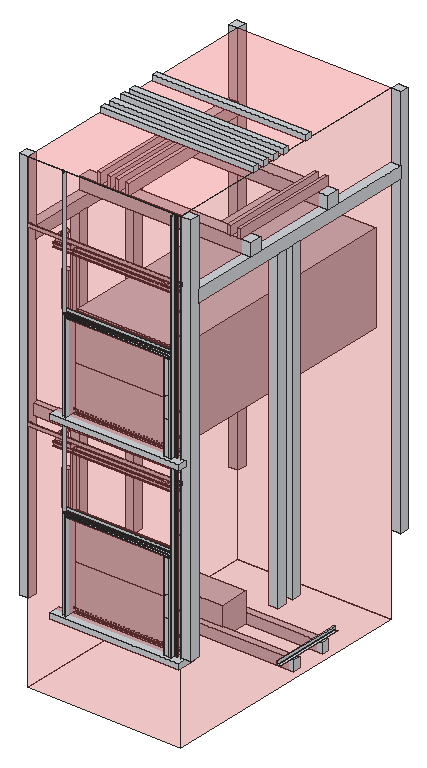
Revit family "SC3500-2U-1方向", category 一般モデル, Revit 2018
Family settings
  鉄筋をホスト可能 = いいえ
  丸型コネクタ寸法 = 直径を使用
  パーツ タイプ = 標準
  作業面ベース = いいえ
  常に垂直 = はい
  ロード時にボイドで切り取り = いいえ
  共有 = いいえ
  部屋計算ポイント = いいえ
Parameters
  昇降行程 = 5000 mm
Reference planes
  plane 1 "レール芯": y = 0
  plane 2 "最下階FL": z = 0
  plane 3 "かご芯": x = 0
  plane 4: z = 5000
  plane 5 "ピット底面": z = -2250
  plane 6: z = 11100
  plane 7: z = 2500
Forms (mm)
  Extrusion 1, solid
    sketch origin (-115, 140, 0) x (1, 0, 0) y (0, 1, 0)
      loop
        line (-2400, 3770) -> (-2400, -3600) -> (1900, -3600) -> (1900, 3770) -> (-2400, 3770)
    from -2250 to 11100
  Extrusion 2, solid
    sketch origin (-188.849, -187.656, 5000) x (1, 0, 0) y (0, 1, 0)
      loop
        line (-1231.151, 3997.656) -> (-1231.151, -2892.344) -> (1608.849, -2892.344) -> (1608.849, 3997.656) -> (-1231.151, 3997.656)
    from 0 to 2500
  Extrusion 3, solid
    sketch origin (-1044.116, 224.003, -69) x (1, 0, 0) y (0, 1, 0)
      loop
        line (-1050.884, 1090.997) -> (-1050.884, 260.997) -> (829.116, 260.997) -> (829.116, 1090.997) -> (-1050.884, 1090.997)
    from -1850 to -1029.5
  Extrusion 4, solid
    sketch origin (-180.164, -13.256, 0) x (1, 0, 0) y (0, 1, 0)
      loop
        line (1965.164, 388.256) -> (1965.164, 138.256) -> (2215.164, 138.256) -> (2215.164, 388.256) -> (1965.164, 388.256)
    from 0 to 8910
  Extrusion 5, solid
    sketch origin (-180.164, -413.256, 0) x (1, 0, 0) y (0, 1, 0)
      loop
        line (1965.164, 288.256) -> (1965.164, 38.256) -> (2215.164, 38.256) -> (2215.164, 288.256) -> (1965.164, 288.256)
    from 0 to 8910
  Extrusion 6, solid
    sketch origin (268.997, -66.31, 0) x (1, 0, 0) y (0, 1, 0)
      loop
        line (-3033.997, 581.31) -> (-3033.997, 331.31) -> (-2783.997, 331.31) -> (-2783.997, 581.31) -> (-3033.997, 581.31)
    from 0 to 8910
  Extrusion 7, solid
    sketch origin (268.997, -1866.31, 0) x (1, 0, 0) y (0, 1, 0)
      loop
        line (-3033.997, 481.31) -> (-3033.997, 231.31) -> (-2783.997, 231.31) -> (-2783.997, 481.31) -> (-3033.997, 481.31)
    from 0 to 8910
  Extrusion 8, solid
    sketch origin (0, -154.792, -183.066) x (0, 1, 0) y (0, 0, 1)
      loop
        line (279.792, 11433.066) -> (279.792, 11283.066) -> (429.792, 11283.066) -> (429.792, 11433.066) -> (279.792, 11433.066)
    from -2515 to 1785
  Extrusion 9, solid
    sketch origin (0, -494.792, -183.066) x (0, 1, 0) y (0, 0, 1)
      loop
        line (279.792, 11433.066) -> (279.792, 11283.066) -> (429.792, 11283.066) -> (429.792, 11433.066) -> (279.792, 11433.066)
    from -2515 to 1785
  Extrusion 10, solid
    sketch origin (0, -859.792, -183.066) x (0, 1, 0) y (0, 0, 1)
      loop
        line (279.792, 11433.066) -> (279.792, 11283.066) -> (429.792, 11283.066) -> (429.792, 11433.066) -> (279.792, 11433.066)
    from -2515 to 1785
  Extrusion 11, solid
    sketch origin (0, 635.208, -183.066) x (0, 1, 0) y (0, 0, 1)
      loop
        line (279.792, 11433.066) -> (279.792, 11283.066) -> (429.792, 11283.066) -> (429.792, 11433.066) -> (279.792, 11433.066)
    from -2515 to 1785
  Extrusion 12, solid
    sketch origin (0, -2462.235, 116.596) x (0, 1, 0) y (0, 0, 1)
      loop
        line (-827.765, 4733.404) -> (-827.765, 4433.404) -> (-677.765, 4433.404) -> (-677.765, 4733.404) -> (-827.765, 4733.404)
    from -2515 to 1785
  Extrusion 13, solid
    sketch origin (122.648, -2363.415, 0) x (-1, 0, 0) y (0, -1, 0)
      loop
        line (-1452.352, 1086.585) -> (-1452.352, 1186.585) -> (-1455.352, 1186.585)
        arc (-1455.352, 1186.585) -> (-1460.302, 1184.535) -> (-1462.352, 1179.585) r 7
        line (-1462.352, 1179.585) -> (-1462.352, 1106.585)
        arc (-1462.352, 1106.585) -> (-1465.281, 1099.514) -> (-1472.352, 1096.585) r 10
        line (-1472.352, 1096.585) -> (-1545.352, 1096.585)
        arc (-1545.352, 1096.585) -> (-1550.302, 1094.535) -> (-1552.352, 1089.585) r 7
        line (-1552.352, 1089.585) -> (-1552.352, 1086.585) -> (-1452.352, 1086.585)
    from 0 to 4850
  Extrusion 14, solid
    sketch origin (77.352, -2363.415, 0) x (1, 0, 0) y (0, 1, 0)
      loop
        line (-1625.352, -1096.585) -> (-1552.352, -1096.585)
        arc (-1552.352, -1096.585) -> (-1545.281, -1099.514) -> (-1542.352, -1106.585) r 10
        line (-1542.352, -1106.585) -> (-1542.352, -1179.585)
        arc (-1542.352, -1179.585) -> (-1540.302, -1184.535) -> (-1535.352, -1186.585) r 7
        line (-1535.352, -1186.585) -> (-1532.352, -1186.585) -> (-1532.352, -1086.585) -> (-1632.352, -1086.585) -> (-1632.352, -1089.585)
        arc (-1632.352, -1089.585) -> (-1630.302, -1094.535) -> (-1625.352, -1096.585) r 7
    from 0 to 4850
  Extrusion 15, solid
    sketch origin (322.648, -2363.415, 5000) x (-1, 0, 0) y (0, -1, 0)
      loop
        arc (-1262.352, 1106.585) -> (-1265.281, 1099.514) -> (-1272.352, 1096.585) r 10
        line (-1272.352, 1096.585) -> (-1345.352, 1096.585)
        arc (-1345.352, 1096.585) -> (-1350.302, 1094.535) -> (-1352.352, 1089.585) r 7
        line (-1352.352, 1089.585) -> (-1352.352, 1086.585) -> (-1252.352, 1086.585) -> (-1252.352, 1186.585) -> (-1255.352, 1186.585)
        arc (-1255.352, 1186.585) -> (-1260.302, 1184.535) -> (-1262.352, 1179.585) r 7
        line (-1262.352, 1179.585) -> (-1262.352, 1106.585)
    from 0 to 6100
  Extrusion 16, solid
    sketch origin (77.352, -2363.415, 5000) x (1, 0, 0) y (0, 1, 0)
      loop
        line (-1625.352, -1096.585) -> (-1552.352, -1096.585)
        arc (-1552.352, -1096.585) -> (-1545.281, -1099.514) -> (-1542.352, -1106.585) r 10
        line (-1542.352, -1106.585) -> (-1542.352, -1179.585)
        arc (-1542.352, -1179.585) -> (-1540.302, -1184.535) -> (-1535.352, -1186.585) r 7
        line (-1535.352, -1186.585) -> (-1532.352, -1186.585) -> (-1532.352, -1086.585) -> (-1632.352, -1086.585) -> (-1632.352, -1089.585)
        arc (-1632.352, -1089.585) -> (-1630.302, -1094.535) -> (-1625.352, -1096.585) r 7
    from 0 to 6100
  Extrusion 17, solid
    sketch origin (90, -5697.272, 1335.614) x (0, 0, -1) y (0, 1, 0)
      loop
        arc (-1254.386, 2154.272) -> (-1252.335, 2149.322) -> (-1247.386, 2147.272) r 7
        line (-1247.386, 2147.272) -> (-1244.386, 2147.272) -> (-1244.386, 2247.272) -> (-1344.386, 2247.272) -> (-1344.386, 2244.272)
        arc (-1344.386, 2244.272) -> (-1342.335, 2239.322) -> (-1337.386, 2237.272) r 7
        line (-1337.386, 2237.272) -> (-1264.386, 2237.272)
        arc (-1264.386, 2237.272) -> (-1257.315, 2234.343) -> (-1254.386, 2227.272) r 10
        line (-1254.386, 2227.272) -> (-1254.386, 2154.272)
    from -1545 to 1485
  Extrusion 18, solid
    sketch origin (268.997, 3578.69, 0) x (1, 0, 0) y (0, 1, 0)
      loop
        line (-3033.997, 581.31) -> (-3033.997, 331.31) -> (-2783.997, 331.31) -> (-2783.997, 581.31) -> (-3033.997, 581.31)
    from 0 to 11100
  Extrusion 19, solid
    sketch origin (24.836, 3771.744, 0) x (1, 0, 0) y (0, 1, 0)
      loop
        line (1760.164, 388.256) -> (1760.164, 138.256) -> (2010.164, 138.256) -> (2010.164, 388.256) -> (1760.164, 388.256)
    from 0 to 11100
  Extrusion 20, solid
    sketch origin (268.997, -3656.31, 0) x (1, 0, 0) y (0, 1, 0)
      loop
        line (-3033.997, 481.31) -> (-3033.997, 231.31) -> (-2783.997, 231.31) -> (-2783.997, 481.31) -> (-3033.997, 481.31)
    from 0 to 11100
  Extrusion 21, solid
    sketch origin (24.836, -3463.256, 0) x (1, 0, 0) y (0, 1, 0)
      loop
        line (1760.164, 288.256) -> (1760.164, 38.256) -> (2010.164, 38.256) -> (2010.164, 288.256) -> (1760.164, 288.256)
    from 0 to 11100
  Extrusion 22, solid
    sketch origin (150, 2016.904, 19.994) x (0, 1, 0) y (0, 0, 1)
      loop
        line (-716.904, -1644.994) -> (-716.904, -1938.994) -> (-516.904, -1938.994) -> (-516.904, -1644.994) -> (-716.904, -1644.994)
    from -2815 to 1785
  Extrusion 23, solid
    sketch origin (150, 1016.904, 19.994) x (0, 1, 0) y (0, 0, 1)
      loop
        line (-716.904, -1644.994) -> (-716.904, -1938.994) -> (-516.904, -1938.994) -> (-516.904, -1644.994) -> (-716.904, -1644.994)
    from -2815 to 1785
  Extrusion 24, solid
    sketch origin (0, -1199.792, -183.066) x (0, 1, 0) y (0, 0, 1)
      loop
        line (279.792, 11433.066) -> (279.792, 11283.066) -> (429.792, 11283.066) -> (429.792, 11433.066) -> (279.792, 11433.066)
    from -2515 to 1785
  Extrusion 25, solid
    sketch origin (0, 626.791, -436.921) x (0, 1, 0) y (0, 0, 1)
      loop
        line (748.209, 10036.921) -> (748.209, 9686.921) -> (1098.209, 9686.921) -> (1098.209, 10036.921) -> (748.209, 10036.921)
    from -2765 to 2035
  Extrusion 26, solid
    sketch origin (0, -2083.209, -436.921) x (0, 1, 0) y (0, 0, 1)
      loop
        line (748.209, 10036.921) -> (748.209, 9686.921) -> (1098.209, 9686.921) -> (1098.209, 10036.921) -> (748.209, 10036.921)
    from -2765 to 2035
  Extrusion 27, solid
    sketch origin (112.993, 0, 395.444) x (1, 0, 0) y (0, 0, 1)
      loop
        line (1672.007, 8854.556) -> (1672.007, 8514.556) -> (1922.007, 8514.556) -> (1922.007, 8854.556) -> (1672.007, 8854.556)
    from -3910 to 3175
  Extrusion 28, solid
    sketch origin (-4437.007, 0, -554.556) x (1, 0, 0) y (0, 0, 1)
      loop
        line (1672.007, 9804.556) -> (1672.007, 9464.556) -> (1922.007, 9464.556) -> (1922.007, 9804.556) -> (1672.007, 9804.556)
    from -3910 to 3175
  Extrusion 29, solid
    sketch origin (90, -5697.272, 5985.614) x (0, 0, -1) y (0, 1, 0)
      loop
        arc (-1604.386, 2154.272) -> (-1602.335, 2149.322) -> (-1597.386, 2147.272) r 7
        line (-1597.386, 2147.272) -> (-1594.386, 2147.272) -> (-1594.386, 2247.272) -> (-1694.386, 2247.272) -> (-1694.386, 2244.272)
        arc (-1694.386, 2244.272) -> (-1692.335, 2239.322) -> (-1687.386, 2237.272) r 7
        line (-1687.386, 2237.272) -> (-1614.386, 2237.272)
        arc (-1614.386, 2237.272) -> (-1607.315, 2234.343) -> (-1604.386, 2227.272) r 10
        line (-1604.386, 2227.272) -> (-1604.386, 2154.272)
    from -1545 to 1485
  Extrusion 30, solid
    sketch origin (0, -1342.728, 5770.614) x (0, 0, -1) y (0, 1, 0)
      loop
        line (-3589.386, -2014.272) -> (-3589.386, -2087.272)
        arc (-3589.386, -2087.272) -> (-3592.315, -2094.343) -> (-3599.386, -2097.272) r 10
        line (-3599.386, -2097.272) -> (-3672.386, -2097.272)
        arc (-3672.386, -2097.272) -> (-3677.335, -2099.322) -> (-3679.386, -2104.272) r 7
        line (-3679.386, -2104.272) -> (-3679.386, -2107.272) -> (-3579.386, -2107.272) -> (-3579.386, -2007.272) -> (-3582.386, -2007.272)
        arc (-3582.386, -2007.272) -> (-3587.335, -2009.322) -> (-3589.386, -2014.272) r 7
    from -2515 to 1785
  Extrusion 31, solid
    sketch origin (-323.115, 1900, 100) x (1, 0, 0) y (0, 0, 1)
      loop
        line (-2201.885, -1632) -> (-2201.885, -1705)
        arc (-2201.885, -1705) -> (-2204.814, -1712.071) -> (-2211.885, -1715) r 10
        line (-2211.885, -1715) -> (-2284.885, -1715)
        arc (-2284.885, -1715) -> (-2289.835, -1717.05) -> (-2291.885, -1722) r 7
        line (-2291.885, -1722) -> (-2291.885, -1725) -> (-2191.885, -1725) -> (-2191.885, -1625) -> (-2194.885, -1625)
        arc (-2194.885, -1625) -> (-2199.835, -1627.05) -> (-2201.885, -1632) r 7
    from 5 to 2000
  Extrusion 32, solid
    sketch origin (-406.885, 1900, 100) x (-1, 0, 0) y (0, 0, -1)
      loop
        arc (-2201.885, 1632) -> (-2199.835, 1627.05) -> (-2194.885, 1625) r 7
        line (-2194.885, 1625) -> (-2191.885, 1625) -> (-2191.885, 1725) -> (-2291.885, 1725) -> (-2291.885, 1722)
        arc (-2291.885, 1722) -> (-2289.835, 1717.05) -> (-2284.885, 1715) r 7
        line (-2284.885, 1715) -> (-2211.885, 1715)
        arc (-2211.885, 1715) -> (-2204.814, 1712.071) -> (-2201.885, 1705) r 10
        line (-2201.885, 1705) -> (-2201.885, 1632)
    from 5 to 2000
  Extrusion 33, solid
    sketch origin (-617.393, 0, -591.596) x (1, 0, 0) y (0, 0, 1)
      loop
        line (2277.393, 10441.596) -> (2277.393, 10191.596) -> (2367.393, 10191.596) -> (2367.393, 10441.596) -> (2277.393, 10441.596)
    from -1725 to 1335
  Extrusion 34, solid
    sketch origin (-877.393, 0, -591.596) x (1, 0, 0) y (0, 0, 1)
      loop
        line (2267.393, 10441.596) -> (2267.393, 10191.596) -> (2357.393, 10191.596) -> (2357.393, 10441.596) -> (2267.393, 10441.596)
    from -1725 to 1335
  Extrusion 35, solid
    sketch origin (-461.32, 0, -654.523) x (1, 0, 0) y (0, 0, 1)
      loop
        line (-1798.68, 10554.523) -> (-1798.68, 10254.523) -> (-1708.68, 10254.523) -> (-1708.68, 10554.523) -> (-1798.68, 10554.523)
    from -1725 to 1335
  Extrusion 36, solid
    sketch origin (-171.32, 0, -654.523) x (1, 0, 0) y (0, 0, 1)
      loop
        line (-1798.68, 10554.523) -> (-1798.68, 10254.523) -> (-1708.68, 10254.523) -> (-1708.68, 10554.523) -> (-1798.68, 10554.523)
    from -1725 to 1335
  Extrusion 37, solid
    sketch origin (38.68, 0, -654.523) x (1, 0, 0) y (0, 0, 1)
      loop
        line (-1798.68, 10554.523) -> (-1798.68, 10254.523) -> (-1708.68, 10254.523) -> (-1708.68, 10554.523) -> (-1798.68, 10554.523)
    from -1725 to 1335
  Extrusion 38, solid
    sketch origin (328.68, 0, -654.523) x (1, 0, 0) y (0, 0, 1)
      loop
        line (-1798.68, 10554.523) -> (-1798.68, 10254.523) -> (-1708.68, 10254.523) -> (-1708.68, 10554.523) -> (-1798.68, 10554.523)
    from -1725 to 1335
  Extrusion 39, solid
    sketch origin (90, -1202.728, 3105.614) x (0, 0, -1) y (0, 1, 0)
      loop
        line (-1254.386, -2154.272) -> (-1254.386, -2227.272)
        arc (-1254.386, -2227.272) -> (-1257.315, -2234.343) -> (-1264.386, -2237.272) r 10
        line (-1264.386, -2237.272) -> (-1337.386, -2237.272)
        arc (-1337.386, -2237.272) -> (-1342.335, -2239.322) -> (-1344.386, -2244.272) r 7
        line (-1344.386, -2244.272) -> (-1344.386, -2247.272) -> (-1244.386, -2247.272) -> (-1244.386, -2147.272) -> (-1247.386, -2147.272)
        arc (-1247.386, -2147.272) -> (-1252.335, -2149.322) -> (-1254.386, -2154.272) r 7
    from -2605 to 1695
Dimensions and locks
  "昇降行程": plane 4 to plane 2 "最下階FL"
  locked: plane 6 to plane 4 at 6100
  locked: Extrusion 2 to plane 4 at 2500
  locked: plane 4 to Extrusion 13 at 150
  locked: Extrusion 27 to plane 4 at 3910
  aligned and locked: level to plane 2 "最下階FL"
  aligned and locked: Extrusion 1 to plane 5 "ピット底面"
  aligned and locked: Extrusion 2 to plane 4
  aligned and locked: Extrusion 5 to plane 2 "最下階FL"
  aligned and locked: Extrusion 4 to plane 2 "最下階FL"
  aligned and locked: Extrusion 6 to Extrusion 1
  aligned and locked: Extrusion 7 to Extrusion 1
  aligned and locked: Extrusion 4 to Extrusion 1
  aligned and locked: Extrusion 5 to Extrusion 1
  aligned and locked: Extrusion 6 to plane 2 "最下階FL"
  aligned and locked: Extrusion 7 to plane 2 "最下階FL"
  aligned and locked: Extrusion 8 to Extrusion 1
  aligned and locked: Extrusion 1 to Extrusion 8  (x2)
  aligned and locked: Extrusion 1 to Extrusion 10  (x2)
  aligned and locked: Extrusion 1 to Extrusion 11  (x2)
  aligned and locked: Extrusion 10 to Extrusion 1
  aligned and locked: Extrusion 9 to Extrusion 1
  aligned and locked: Extrusion 11 to Extrusion 1
  aligned and locked: Extrusion 1 to Extrusion 12  (x2)
  aligned and locked: Extrusion 1 to Extrusion 9  (x2)
  aligned and locked: Extrusion 15 to Extrusion 16
  aligned and locked: Extrusion 16 to plane 4
  aligned and locked: Extrusion 15 to plane 4
  aligned and locked: Extrusion 1 to plane 6
  aligned and locked: plane 6 to Extrusion 15
  aligned and locked: plane 6 to Extrusion 16
  aligned and locked: Extrusion 13 to Extrusion 14
  aligned and locked: Extrusion 19 to Extrusion 1
  aligned and locked: Extrusion 1 to Extrusion 21
  aligned and locked: Extrusion 18 to Extrusion 1
  aligned and locked: Extrusion 1 to Extrusion 20
  aligned and locked: Extrusion 4 to Extrusion 27
  aligned and locked: Extrusion 6 to Extrusion 27
  aligned and locked: Extrusion 5 to Extrusion 27
  aligned and locked: Extrusion 7 to Extrusion 27
  aligned and locked: Extrusion 1 to Extrusion 24  (x2)
  aligned and locked: plane 4 to nested 2
Automatic sketch dimensions
  Extrusion 1 sketch curve to plane 3 "かご芯" = 2515 mm
  plane 3 "かご芯" to Extrusion 1 sketch curve = 1785 mm
  plane 1 "レール芯" to Extrusion 1 sketch curve = 3460 mm
  Extrusion 1 sketch curve to plane 1 "レール芯" = 3910 mm
  Extrusion 2 sketch curve to plane 3 "かご芯" = 1420 mm
  plane 3 "かご芯" to Extrusion 2 sketch curve = 1420 mm
  plane 1 "レール芯" to Extrusion 2 sketch curve = 3080 mm
  Extrusion 2 sketch curve to plane 1 "レール芯" = 3810 mm
  Extrusion 3 sketch curve to plane 1 "レール芯" = 485 mm
  Extrusion 3 sketch curve to plane 3 "かご芯" = 2095 mm
  Extrusion 3 sketch curve to plane 3 "かご芯" = 215 mm
  Extrusion 3 sketch curve to Extrusion 3 sketch curve = 830 mm
  Extrusion 4 sketch curve to plane 1 "レール芯" = 125 mm
  plane 3 "かご芯" to Extrusion 4 sketch curve = 1785 mm
  Extrusion 4 sketch curve to Extrusion 4 sketch curve = 250 mm  (x2)
  plane 1 "レール芯" to Extrusion 5 sketch curve = 375 mm
  plane 3 "かご芯" to Extrusion 5 sketch curve = 1785 mm
  Extrusion 5 sketch curve to Extrusion 5 sketch curve = 250 mm
  plane 1 "レール芯" to Extrusion 5 sketch curve = 125 mm
  Extrusion 6 sketch curve to plane 1 "レール芯" = 265 mm
  Extrusion 6 sketch curve to plane 3 "かご芯" = 2765 mm
  Extrusion 6 sketch curve to Extrusion 6 sketch curve = 250 mm  (x2)
  Extrusion 7 sketch curve to plane 3 "かご芯" = 2765 mm
  Extrusion 7 sketch curve to Extrusion 7 sketch curve = 250 mm  (x2)
  plane 1 "レール芯" to Extrusion 7 sketch curve = 1635 mm
  Extrusion 8 sketch curve to plane 6 = 0 mm
  Extrusion 8 sketch curve to plane 1 "レール芯" = 125 mm
  Extrusion 8 sketch curve to Extrusion 8 sketch curve = 150 mm
  plane 6 to Extrusion 8 sketch curve = 150 mm
  Extrusion 9 sketch curve to plane 6 = 0 mm
  plane 1 "レール芯" to Extrusion 9 sketch curve = 215 mm
  plane 1 "レール芯" to Extrusion 9 sketch curve = 65 mm
  plane 6 to Extrusion 9 sketch curve = 150 mm
  Extrusion 10 sketch curve to plane 6 = 0 mm
  plane 1 "レール芯" to Extrusion 10 sketch curve = 580 mm
  Extrusion 10 sketch curve to Extrusion 10 sketch curve = 150 mm
  plane 6 to Extrusion 10 sketch curve = 150 mm
  Extrusion 11 sketch curve to plane 6 = 0 mm
  Extrusion 11 sketch curve to plane 1 "レール芯" = 915 mm
  Extrusion 11 sketch curve to Extrusion 11 sketch curve = 150 mm
  plane 6 to Extrusion 11 sketch curve = 150 mm
  Extrusion 12 sketch curve to plane 4 = 450 mm
  plane 1 "レール芯" to Extrusion 12 sketch curve = 3290 mm
  Extrusion 12 sketch curve to Extrusion 12 sketch curve = 150 mm
  Extrusion 12 sketch curve to plane 4 = 150 mm
  Extrusion 17 sketch curve to plane 7 = 180 mm
  Extrusion 17 sketch curve to Extrusion 17 sketch curve = 7 mm  (x2)
  Extrusion 17 sketch curve to Extrusion 17 sketch curve = 73 mm  (x2)
  Extrusion 17 sketch curve to Extrusion 17 sketch curve = 10 mm
  Extrusion 17 sketch curve to Extrusion 17 sketch curve = 3 mm  (x2)
  plane 1 "レール芯" to Extrusion 17 sketch curve = 3550 mm
  Extrusion 18 sketch curve to plane 3 "かご芯" = 2765 mm
  Extrusion 18 sketch curve to Extrusion 18 sketch curve = 250 mm  (x2)
  Extrusion 18 sketch curve to plane 1 "レール芯" = 3910 mm
  plane 3 "かご芯" to Extrusion 19 sketch curve = 1785 mm
  Extrusion 19 sketch curve to Extrusion 19 sketch curve = 250 mm  (x2)
  Extrusion 19 sketch curve to plane 1 "レール芯" = 3910 mm
  Extrusion 20 sketch curve to plane 3 "かご芯" = 2765 mm
  Extrusion 20 sketch curve to Extrusion 20 sketch curve = 250 mm  (x2)
  plane 1 "レール芯" to Extrusion 20 sketch curve = 3425 mm
  plane 3 "かご芯" to Extrusion 21 sketch curve = 1785 mm
  Extrusion 21 sketch curve to Extrusion 21 sketch curve = 250 mm  (x2)
  plane 1 "レール芯" to Extrusion 21 sketch curve = 3425 mm
  plane 5 "ピット底面" to Extrusion 22 sketch curve = 331 mm
  Extrusion 22 sketch curve to plane 1 "レール芯" = 1300 mm
  Extrusion 22 sketch curve to Extrusion 22 sketch curve = 200 mm
  Extrusion 22 sketch curve to Extrusion 22 sketch curve = 294 mm
  Extrusion 23 sketch curve to plane 1 "レール芯" = 300 mm
  Extrusion 23 sketch curve to Extrusion 23 sketch curve = 200 mm
  plane 5 "ピット底面" to Extrusion 23 sketch curve = 331 mm
  Extrusion 23 sketch curve to Extrusion 23 sketch curve = 294 mm
  Extrusion 24 sketch curve to plane 6 = 0 mm
  plane 1 "レール芯" to Extrusion 24 sketch curve = 920 mm
  Extrusion 24 sketch curve to Extrusion 24 sketch curve = 150 mm
  plane 6 to Extrusion 24 sketch curve = 150 mm
  Extrusion 25 sketch curve to plane 1 "レール芯" = 1375 mm
  Extrusion 25 sketch curve to Extrusion 25 sketch curve = 350 mm  (x2)
  Extrusion 25 sketch curve to plane 6 = 1850 mm
  plane 1 "レール芯" to Extrusion 26 sketch curve = 1335 mm
  Extrusion 26 sketch curve to Extrusion 26 sketch curve = 350 mm  (x2)
  Extrusion 26 sketch curve to plane 6 = 1850 mm
  plane 3 "かご芯" to Extrusion 27 sketch curve = 1785 mm
  Extrusion 27 sketch curve to Extrusion 27 sketch curve = 250 mm
  Extrusion 27 sketch curve to plane 6 = 2190 mm
  Extrusion 27 sketch curve to Extrusion 27 sketch curve = 340 mm
  Extrusion 28 sketch curve to plane 3 "かご芯" = 2765 mm
  Extrusion 28 sketch curve to Extrusion 28 sketch curve = 250 mm
  Extrusion 28 sketch curve to plane 6 = 2190 mm
  Extrusion 28 sketch curve to Extrusion 28 sketch curve = 340 mm
  plane 4 to Extrusion 29 sketch curve = 2680 mm
  Extrusion 29 sketch curve to Extrusion 29 sketch curve = 7 mm  (x2)
  Extrusion 29 sketch curve to Extrusion 29 sketch curve = 73 mm  (x2)
  Extrusion 29 sketch curve to Extrusion 29 sketch curve = 10 mm
  Extrusion 29 sketch curve to Extrusion 29 sketch curve = 3 mm  (x2)
  plane 1 "レール芯" to Extrusion 29 sketch curve = 3550 mm
  plane 6 to Extrusion 30 sketch curve = 1650 mm
  Extrusion 30 sketch curve to Extrusion 30 sketch curve = 7 mm  (x2)
  Extrusion 30 sketch curve to Extrusion 30 sketch curve = 73 mm  (x2)
  Extrusion 30 sketch curve to Extrusion 30 sketch curve = 10 mm
  Extrusion 30 sketch curve to Extrusion 30 sketch curve = 3 mm  (x2)
  Extrusion 30 sketch curve to plane 1 "レール芯" = 3350 mm
  plane 5 "ピット底面" to Extrusion 31 sketch curve = 628 mm
  Extrusion 31 sketch curve to plane 3 "かご芯" = 2615 mm
  Extrusion 31 sketch curve to Extrusion 31 sketch curve = 7 mm  (x2)
  Extrusion 31 sketch curve to Extrusion 31 sketch curve = 73 mm  (x2)
  Extrusion 31 sketch curve to Extrusion 31 sketch curve = 10 mm
  Extrusion 31 sketch curve to Extrusion 31 sketch curve = 3 mm
  Extrusion 31 sketch curve to Extrusion 31 sketch curve = 20 mm
  plane 5 "ピット底面" to Extrusion 32 sketch curve = 628 mm
  plane 3 "かご芯" to Extrusion 32 sketch curve = 1885 mm
  Extrusion 32 sketch curve to Extrusion 32 sketch curve = 7 mm  (x2)
  Extrusion 32 sketch curve to Extrusion 32 sketch curve = 73 mm  (x2)
  Extrusion 32 sketch curve to Extrusion 32 sketch curve = 10 mm
  Extrusion 32 sketch curve to Extrusion 32 sketch curve = 3 mm  (x2)
  plane 3 "かご芯" to Extrusion 33 sketch curve = 1660 mm
  Extrusion 33 sketch curve to Extrusion 33 sketch curve = 90 mm
  Extrusion 33 sketch curve to plane 6 = 1500 mm
  Extrusion 33 sketch curve to Extrusion 33 sketch curve = 250 mm
  plane 3 "かご芯" to Extrusion 34 sketch curve = 1390 mm
  Extrusion 34 sketch curve to Extrusion 34 sketch curve = 90 mm
  Extrusion 34 sketch curve to plane 6 = 1500 mm
  Extrusion 34 sketch curve to Extrusion 34 sketch curve = 250 mm
  Extrusion 35 sketch curve to plane 3 "かご芯" = 2260 mm
  Extrusion 35 sketch curve to Extrusion 35 sketch curve = 90 mm
  Extrusion 35 sketch curve to plane 6 = 1500 mm
  Extrusion 35 sketch curve to Extrusion 35 sketch curve = 300 mm
  Extrusion 36 sketch curve to plane 3 "かご芯" = 1970 mm
  Extrusion 36 sketch curve to Extrusion 36 sketch curve = 90 mm
  Extrusion 36 sketch curve to plane 6 = 1500 mm
  Extrusion 36 sketch curve to Extrusion 36 sketch curve = 300 mm
  Extrusion 37 sketch curve to plane 3 "かご芯" = 1760 mm
  Extrusion 37 sketch curve to Extrusion 37 sketch curve = 90 mm
  Extrusion 37 sketch curve to plane 6 = 1500 mm
  Extrusion 37 sketch curve to Extrusion 37 sketch curve = 300 mm
  Extrusion 38 sketch curve to plane 3 "かご芯" = 1470 mm
  Extrusion 38 sketch curve to Extrusion 38 sketch curve = 90 mm
  Extrusion 38 sketch curve to plane 6 = 1500 mm
  Extrusion 38 sketch curve to Extrusion 38 sketch curve = 300 mm
  Extrusion 39 sketch curve to plane 7 = 1950 mm
  Extrusion 39 sketch curve to Extrusion 39 sketch curve = 7 mm  (x2)
  Extrusion 39 sketch curve to Extrusion 39 sketch curve = 73 mm  (x2)
  Extrusion 39 sketch curve to Extrusion 39 sketch curve = 10 mm
  Extrusion 39 sketch curve to Extrusion 39 sketch curve = 3 mm  (x2)
  plane 1 "レール芯" to Extrusion 39 sketch curve = 3450 mm
  Extrusion 16 sketch curve to plane 3 "かご芯" = 1555 mm
  Extrusion 16 sketch curve to Extrusion 16 sketch curve = 7 mm  (x2)
  Extrusion 16 sketch curve to Extrusion 16 sketch curve = 73 mm  (x2)
  Extrusion 16 sketch curve to Extrusion 16 sketch curve = 10 mm
  Extrusion 16 sketch curve to Extrusion 16 sketch curve = 3 mm  (x2)
  plane 1 "レール芯" to Extrusion 16 sketch curve = 3550 mm
  Extrusion 14 sketch curve to plane 3 "かご芯" = 1555 mm
  Extrusion 14 sketch curve to Extrusion 14 sketch curve = 7 mm  (x2)
  Extrusion 14 sketch curve to Extrusion 14 sketch curve = 73 mm  (x2)
  Extrusion 14 sketch curve to Extrusion 14 sketch curve = 10 mm
  Extrusion 14 sketch curve to Extrusion 14 sketch curve = 3 mm  (x2)
  plane 1 "レール芯" to Extrusion 14 sketch curve = 3550 mm
  Extrusion 15 sketch curve to plane 3 "かご芯" = 1675 mm
  Extrusion 15 sketch curve to Extrusion 15 sketch curve = 7 mm  (x2)
  Extrusion 15 sketch curve to Extrusion 15 sketch curve = 73 mm  (x2)
  Extrusion 15 sketch curve to Extrusion 15 sketch curve = 10 mm
  Extrusion 15 sketch curve to Extrusion 15 sketch curve = 3 mm
  Extrusion 15 sketch curve to plane 1 "レール芯" = 3550 mm
  Extrusion 15 sketch curve to Extrusion 15 sketch curve = 20 mm
  Extrusion 13 sketch curve to plane 3 "かご芯" = 1675 mm
  Extrusion 13 sketch curve to Extrusion 13 sketch curve = 7 mm  (x2)
  Extrusion 13 sketch curve to Extrusion 13 sketch curve = 73 mm  (x2)
  Extrusion 13 sketch curve to Extrusion 13 sketch curve = 10 mm
  Extrusion 13 sketch curve to Extrusion 13 sketch curve = 3 mm
  Extrusion 13 sketch curve to plane 1 "レール芯" = 3550 mm
  Extrusion 13 sketch curve to Extrusion 13 sketch curve = 20 mm
Nested families
  nested 1: "2U" at (0, -3110, 0), type "2U"
    with 壁外～敷居先端 450 mm, 出入口幅 2750 mm
  nested 2: "2U" at (0, -3110, 5000), type "2U"
    with 壁外～敷居先端 450 mm, 出入口幅 2750 mm
Definition of nested family "2U"
  Parameters (values of type "2U")
    戸袋 = 1570 mm
    壁外～敷居先端 = 470 mm
    出入口高さ = 2500 mm
    出入口幅 = 2500 mm
  Reference planes
    plane 1 "敷居先端": y = 0
    plane 2: z = 0
    plane 3 "中心(左/右)": x = 0
    plane 4: x = 1250
    plane 5: x = -1250
    plane 6: z = 2500
    plane 7: z = 1250
    plane 8 "出入口高さ": z = 4070
    plane 9: z = 4050
    plane 10: x = 989
    plane 11: z = 4080
    plane 12: x = -1406
    plane 13: z = 4172.5
    plane 14: x = -1830
    plane 15: x = -1735
    plane 16: z = 4230
    plane 17: z = 2570
    plane 18: y = -470
    plane 19: x = -1330
    plane 20: x = 1450
    plane 21: z = 2580
  Forms (mm)
    Extrusion 1, solid
      sketch origin (0, 0, 0) x (1, 0, 0) y (0, 1, 0)
        loop
          line (-1270, -45) -> (-1270, -87) -> (1270, -87) -> (1270, -45) -> (-1270, -45)
      from 0 to 1280
    Extrusion 2, solid
      sketch origin (0, 0, 0) x (1, 0, 0) y (0, 1, 0)
        loop
          line (-1270, -95) -> (-1270, -137) -> (1270, -137) -> (1270, -95) -> (-1270, -95)
      from 1250 to 2530
    Extrusion 3, solid
      sketch origin (0, 0, 0) x (1, 0, 0) y (0, 1, 0)
        loop
          line (-1300, -145) -> (-1300, -146.6) -> (-1251.6, -146.6) -> (-1251.6, -478.4) -> (-1278.4, -478.4) -> (-1278.4, -450) -> (-1280, -450) -> (-1280, -480) -> (-1250, -480) -> (-1250, -145) -> (-1300, -145)
      from 0 to 2500
    Extrusion 4, solid
      sketch origin (0, 0, 0) x (1, 0, 0) y (0, 1, 0)
        loop
          line (1300, -145) -> (1250, -145) -> (1250, -480) -> (1400, -480) -> (1400, -450) -> (1398.4, -450) -> (1398.4, -478.4) -> (1251.6, -478.4) -> (1251.6, -146.6) -> (1300, -146.6) -> (1300, -145)
      from 0 to 2500
    Extrusion 5, solid
      sketch origin (0, 0, -10) x (0, 1, 0) y (0, 0, 1)
        loop
          line (-30, 10) -> (-570, 10) -> (-570, -140) -> (-30, -140) -> (-30, 10)
      from -1750 to 1750
    Extrusion 6, void
      sketch origin (0, 0, 0) x (0, 1, 0) y (0, 0, 1)
        loop
          line (-230, 0) -> (-230, -60) -> (-30, -60) -> (-30, 0) -> (-230, 0)
      from -1750 to 1750
    Extrusion 7, solid
      sketch origin (0, 0, 0) x (0, 1, 0) y (0, 0, 1)
        loop
          line (-155, 0) -> (-155, -4.5) -> (0, -4.5) -> (0, 0) -> (-155, 0)
      from -1412 to 1412
    Extrusion 8, solid
      sketch origin (0, 0, 0) x (0, 1, 0) y (0, 0, 1)
        loop
          arc (-150, -14) -> (-148.682, -10.818) -> (-145.5, -9.5) r 4.5
          line (-145.5, -9.5) -> (-118, -9.5)
          arc (-118, -9.5) -> (-115.879, -8.621) -> (-115, -6.5) r 3
          line (-115, -6.5) -> (-115, -4.5) -> (-155, -4.5) -> (-155, -44.5) -> (-153, -44.5)
          arc (-153, -44.5) -> (-150.879, -43.621) -> (-150, -41.5) r 3
          line (-150, -41.5) -> (-150, -14)
      from -1412 to 1412
    Extrusion 9, solid
      sketch origin (0, 0, 0) x (0, 1, 0) y (0, 0, 1)
        loop
          line (-10, -14) -> (-10, -41.5)
          arc (-10, -41.5) -> (-9.121, -43.621) -> (-7, -44.5) r 3
          line (-7, -44.5) -> (-5, -44.5) -> (-5, -4.5) -> (-45, -4.5) -> (-45, -6.5)
          arc (-45, -6.5) -> (-44.121, -8.621) -> (-42, -9.5) r 3
          line (-42, -9.5) -> (-14.5, -9.5)
          arc (-14.5, -9.5) -> (-11.318, -10.818) -> (-10, -14) r 4.5
      from -1412 to 1412
    Extrusion 10, solid
      sketch origin (0, 0, 0) x (0, 1, 0) y (0, 0, 1)
        loop
          line (-40.028, 3970) -> (0, 3970) -> (0, 3974.5) -> (-35.5, 3974.5) -> (-35.5, 4065.5) -> (0, 4065.5) -> (0, 4070) -> (-40.028, 4070) -> (-40.028, 3970)
      from -1830 to 1362
    Extrusion 11, solid
      sketch origin (0, 0, 0) x (0, 1, 0) y (0, 0, 1)
        loop
          line (-175, 4076) -> (-175, 4070) -> (125, 4070) -> (125, 4076) -> (-175, 4076)
      from -1830 to -1640
    Extrusion 12, solid
      sketch origin (0, 0, 0) x (0, 1, 0) y (0, 0, 1)
        loop
          line (-450, 2530) -> (-480, 2530) -> (-480, 2500) -> (-145, 2500) -> (-145, 2501.6) -> (-478.4, 2501.6) -> (-478.4, 2528.4) -> (-450, 2528.4) -> (-450, 2530)
      from -1280 to 1400
    Extrusion 13, solid
      sketch origin (-22.601, -148.434, 0) x (1, 0, 0) y (0, 1, 0)
        loop
          line (1312.601, 108.406) -> (1312.601, 8.406) -> (1384.601, 8.406) -> (1384.601, 108.406) -> (1312.601, 108.406)
      from 0 to 4070
    Extrusion 14, solid
      sketch origin (-3174.601, -148.434, 0) x (1, 0, 0) y (0, 1, 0)
        loop
          line (1812.601, 108.406) -> (1812.601, 8.406) -> (1884.601, 8.406) -> (1884.601, 108.406) -> (1812.601, 108.406)
      from 0 to 4070
    Extrusion 15, solid
      sketch origin (0, 0, 0) x (-1, 0, 0) y (0, 0, -1)
        loop
          circle (-989, -4080) r 61
      from 65 to 115
    Extrusion 16, solid
      sketch origin (0, 0, 0) x (1, 0, 0) y (0, 0, 1)
        loop
          circle (-1406, 4172.5) r 81
      from 65 to 135
    Extrusion 17, solid
      sketch origin (0, 0, 0) x (1, 0, 0) y (0, 0, 1)
        loop
          circle (-1735, 4230) r 60
      from -205.9 to 20.6
    Extrusion 18, solid
      sketch origin (0, 0, 3250) x (1, 0, 0) y (0, 1, 0)
        loop
          line (-1587, -12) -> (-1587, -168) -> (-1387, -168) -> (-1387, -12) -> (-1587, -12)
      from -750 to 250
    Extrusion 19, solid
      sketch origin (229.034, -29.566, 4076) x (1, 0, 0) y (0, 1, 0)
        loop
          line (-2054.034, 154.566) -> (-2054.034, -45.434) -> (-1874.034, -45.434) -> (-1874.034, 154.566) -> (-2054.034, 154.566)
      from 0 to 154
    Extrusion 20, solid
      sketch origin (2782.417, -417.994, 75) x (1, 0, 0) y (0, 1, 0)
        loop
          line (-1420.417, 373.067) -> (-1420.417, 283.067) -> (-1382.217, 283.067) -> (-1382.217, 373.067) -> (-1420.417, 373.067)
      from 0 to 255
    Extrusion 21, solid
      sketch origin (-286.199, -145.163, 430) x (1, 0, 0) y (0, 1, 0)
        loop
          line (1648.199, 95.235) -> (1648.199, 15.235) -> (1778.199, 15.235) -> (1778.199, 95.235) -> (1648.199, 95.235)
      from 0 to 600
    Extrusion 22, solid
      sketch origin (-286.199, -145.163, 2930) x (1, 0, 0) y (0, 1, 0)
        loop
          line (1648.199, 95.235) -> (1648.199, 15.235) -> (1778.199, 15.235) -> (1778.199, 95.235) -> (1648.199, 95.235)
      from 0 to 600
    Extrusion 23, solid
      sketch origin (142.65, 0, -207.206) x (1, 0, 0) y (0, 0, 1)
        loop
          line (-1638.65, 4379.706) -> (-1638.65, 4277.206) -> (-1458.65, 4277.206) -> (-1458.65, 4379.706) -> (-1638.65, 4379.706)
      from 0 to 180.055
    Extrusion 24, solid
      sketch origin (520, -163, 962.5) x (1, 0, 0) y (0, 1, 0)
        loop
          line (740, -317) -> (740, -320) -> (870, -320) -> (870, -317) -> (740, -317)
      from 0 to 590
    Extrusion 25, solid
      sketch origin (0, -180.055, 0) x (0, -1, 0) y (0, 0, -1)
        loop
          line (-40.028, -3970) -> (-40.028, -4070) -> (0, -4070) -> (0, -4065.5) -> (-35.5, -4065.5) -> (-35.5, -3974.5) -> (0, -3974.5) -> (0, -3970) -> (-40.028, -3970)
      from -1830 to 1362
  Cuts and joins
    Extrusion 6 cuts Extrusion 1
    Extrusion 6 cuts Extrusion 5
  Lines and regions (mm)
    reference lines
      curve 1: line (1250, -10, 0) -> (1362, -10, 0)
    symbolic lines
      curve 2: line (0, -480, 0) -> (0, -145, 0)
  Dimensions and locks
    "出入口幅": plane 5 to plane 4
    equal spacing: plane 5, plane 3 "中心(左/右)", plane 4
    "出入口高さ": plane 6 to level
    equal spacing: plane 6, plane 7, level
    locked: Extrusion 2 to plane 6 at 30
    locked: Extrusion 1 to plane 7 at 30
    locked: plane 4 to Extrusion 1 at 20
    locked: Extrusion 2 to plane 5 at 20
    locked: plane 4 to Extrusion 7 at 162
    locked: Extrusion 7 to plane 5 at 162
    "戸袋": plane 8 "出入口高さ" to plane 6
    locked: plane 4 to Extrusion 10 at 112
    locked: plane 9 to plane 8 "出入口高さ" at 20
    locked: Extrusion 12 to plane 5 at 30
    locked: plane 4 to Extrusion 12 at 150
    locked: plane 11 to plane 8 "出入口高さ" at 10
    locked: plane 4 to plane 10 at 261
    locked: plane 13 to plane 8 "出入口高さ" at 102.5
    locked: plane 14 to Extrusion 11 at 190
    locked: plane 14 to plane 5 at 580
    locked: plane 14 to plane 12 at 424
    locked: plane 16 to plane 8 "出入口高さ" at 160
    locked: plane 14 to plane 15 at 95
    locked: plane 4 to cut or joined group of Extrusion 5, Extrusion 6 at 500
    cut or joined group of Extrusion 5, Extrusion 6 to plane 5 = 500 mm
    locked: plane 6 to plane 17 at 70
    locked: plane 18 to Extrusion 3 at 10
    locked: plane 18 to Extrusion 4 at 10
    locked: plane 18 to cut or joined group of Extrusion 5, Extrusion 6 at 100
    locked: Extrusion 12 to plane 18 at 10
    locked: Extrusion 18 to plane 6 at 1000
    locked: Extrusion 22 to Extrusion 22 at 600
    locked: plane 6 to Extrusion 22 at 430
    locked: Extrusion 11 to plane 8 "出入口高さ" at 6
    locked: plane 16 to Extrusion 11 at 154
    locked: cut or joined group of Extrusion 5, Extrusion 6 to cut or joined group of Extrusion 5, Extrusion 6 at 200
    locked: plane 19 to plane 5 at 80
    locked: plane 4 to plane 20 at 200
    locked: plane 21 to plane 6 at 80
    "壁外～敷居先端": plane 18 to plane 1 "敷居先端"
    aligned and locked: level to plane 2
    aligned and locked: Extrusion 2 to plane 7
    aligned and locked: plane 5 to Extrusion 3
    aligned and locked: plane 4 to Extrusion 4
    aligned and locked: plane 6 to Extrusion 4
    aligned and locked: Extrusion 4 to plane 6
    aligned and locked: plane 6 to Extrusion 3
    aligned and locked: Extrusion 7 to plane 1 "敷居先端"
    aligned and locked: Extrusion 7 to Extrusion 8  (x2)
    aligned and locked: Extrusion 7 to Extrusion 9  (x2)
    aligned and locked: Extrusion 8 to Extrusion 7
    aligned and locked: plane 8 "出入口高さ" to Extrusion 10
    aligned and locked: Extrusion 11 to Extrusion 10
    aligned and locked: Extrusion 12 to plane 6
    aligned and locked: Extrusion 12 to Extrusion 3
    aligned and locked: Extrusion 12 to Extrusion 4
    aligned and locked: Extrusion 13 to level
    aligned and locked: Extrusion 14 to level
    aligned and locked: plane 11 to Extrusion 15
    aligned and locked: Extrusion 16 to plane 13
    aligned and locked: plane 14 to Extrusion 11
    aligned and locked: plane 14 to Extrusion 10
    aligned and locked: Extrusion 17 to plane 16
    aligned and locked: cut or joined group of Extrusion 5, Extrusion 6 to cut or joined group of Extrusion 5, Extrusion 6  (x4)
    aligned and locked: cut or joined group of Extrusion 5, Extrusion 6 to Extrusion 6
    aligned and locked: Extrusion 6 to cut or joined group of Extrusion 5, Extrusion 6
    aligned and locked: Extrusion 18 to plane 6
    aligned and locked: Extrusion 19 to plane 16
    aligned and locked: Extrusion 19 to Extrusion 11
    aligned and locked: Extrusion 20 to Extrusion 13
    aligned and locked: Extrusion 21 to Extrusion 13
    aligned and locked: Extrusion 23 to plane 13
    aligned and locked: Extrusion 11 to plane 8 "出入口高さ"
    aligned and locked: plane 8 "出入口高さ" to Extrusion 13
    aligned and locked: plane 8 "出入口高さ" to Extrusion 14
    aligned and locked: Extrusion 25 to Extrusion 10  (x2)
  Automatic sketch dimensions
    plane 1 "敷居先端" to curve 2 = 145 mm
    Extrusion 1 sketch curve to plane 5 = 20 mm
    Extrusion 1 sketch curve to plane 4 = 20 mm
    plane 1 "敷居先端" to Extrusion 1 sketch curve = 87 mm
    Extrusion 1 sketch curve to Extrusion 1 sketch curve = 42 mm
    Extrusion 2 sketch curve to plane 5 = 20 mm
    Extrusion 2 sketch curve to plane 4 = 20 mm
    plane 1 "敷居先端" to Extrusion 2 sketch curve = 137 mm
    Extrusion 2 sketch curve to Extrusion 2 sketch curve = 42 mm
    Extrusion 3 sketch curve to plane 5 = 0 mm
    Extrusion 3 sketch curve to plane 5 = 1.6 mm
    Extrusion 3 sketch curve to plane 18 = 8.4 mm
    Extrusion 3 sketch curve to Extrusion 3 sketch curve = 26.8 mm
    Extrusion 3 sketch curve to Extrusion 3 sketch curve = 1.6 mm  (x3)
    Extrusion 3 sketch curve to plane 19 = 30 mm
    plane 18 to Extrusion 3 sketch curve = 20 mm
    plane 1 "敷居先端" to Extrusion 3 sketch curve = 146.6 mm
    Extrusion 4 sketch curve to plane 4 = 0 mm
    Extrusion 4 sketch curve to plane 4 = 1.6 mm
    Extrusion 4 sketch curve to Extrusion 4 sketch curve = 48.4 mm
    Extrusion 4 sketch curve to plane 18 = 8.4 mm
    plane 20 to Extrusion 4 sketch curve = 51.6 mm
    Extrusion 4 sketch curve to Extrusion 4 sketch curve = 1.6 mm  (x3)
    plane 18 to Extrusion 4 sketch curve = 20 mm
    plane 1 "敷居先端" to Extrusion 4 sketch curve = 146.6 mm
    Extrusion 5 sketch curve to level = 0 mm
    Extrusion 5 sketch curve to plane 18 = 100 mm
    plane 1 "敷居先端" to Extrusion 5 sketch curve = 30 mm
    Extrusion 5 sketch curve to level = 150 mm
    Extrusion 6 sketch curve to level = 0 mm
    Extrusion 6 sketch curve to level = 60 mm
    plane 1 "敷居先端" to Extrusion 6 sketch curve = 30 mm
    Extrusion 7 sketch curve to level = 0 mm
    Extrusion 7 sketch curve to plane 1 "敷居先端" = 0 mm
    plane 1 "敷居先端" to Extrusion 7 sketch curve = 155 mm
    Extrusion 7 sketch curve to level = 4.5 mm
    Extrusion 8 sketch curve to level = 4.5 mm
    plane 1 "敷居先端" to Extrusion 8 sketch curve = 155 mm
    Extrusion 8 sketch curve to Extrusion 8 sketch curve = 2 mm
    Extrusion 8 sketch curve to Extrusion 8 sketch curve = 3 mm  (x2)
    Extrusion 8 sketch curve to Extrusion 8 sketch curve = 4.5 mm
    Extrusion 8 sketch curve to level = 6.5 mm
    Extrusion 8 sketch curve to Extrusion 8 sketch curve = 27.5 mm  (x2)
    Extrusion 9 sketch curve to level = 4.5 mm
    plane 1 "敷居先端" to Extrusion 9 sketch curve = 45 mm
    Extrusion 9 sketch curve to Extrusion 9 sketch curve = 3 mm  (x2)
    Extrusion 9 sketch curve to level = 9.5 mm
    plane 1 "敷居先端" to Extrusion 9 sketch curve = 14.5 mm
    plane 1 "敷居先端" to Extrusion 9 sketch curve = 10 mm
    Extrusion 9 sketch curve to Extrusion 9 sketch curve = 2 mm
    Extrusion 9 sketch curve to Extrusion 9 sketch curve = 27.5 mm
    Extrusion 10 sketch curve to plane 8 "出入口高さ" = 0 mm
    Extrusion 10 sketch curve to plane 1 "敷居先端" = 0 mm  (x2)
    Extrusion 10 sketch curve to plane 8 "出入口高さ" = 4.5 mm
    plane 1 "敷居先端" to Extrusion 10 sketch curve = 35.5 mm
    Extrusion 10 sketch curve to Extrusion 10 sketch curve = 4.528 mm
    plane 9 to Extrusion 10 sketch curve = 75.5 mm
    Extrusion 10 sketch curve to Extrusion 10 sketch curve = 4.5 mm
    curve 1 to plane 4 = 0 mm
    plane 1 "敷居先端" to curve 1 = 10 mm
    plane 20 to curve 1 = 88 mm
    Extrusion 11 sketch curve to plane 8 "出入口高さ" = 0 mm
    plane 1 "敷居先端" to Extrusion 11 sketch curve = 175 mm
    Extrusion 11 sketch curve to plane 1 "敷居先端" = 125 mm
    Extrusion 11 sketch curve to plane 11 = 4 mm
    Extrusion 12 sketch curve to plane 6 = 0 mm
    Extrusion 12 sketch curve to plane 18 = 10 mm
    Extrusion 12 sketch curve to Extrusion 12 sketch curve = 1.6 mm  (x2)
    plane 18 to Extrusion 12 sketch curve = 20 mm
    plane 1 "敷居先端" to Extrusion 12 sketch curve = 145 mm
    plane 6 to Extrusion 12 sketch curve = 1.6 mm
    Extrusion 12 sketch curve to Extrusion 12 sketch curve = 26.8 mm
    Extrusion 13 sketch curve to plane 4 = 40 mm
    Extrusion 13 sketch curve to Extrusion 13 sketch curve = 72 mm
    plane 1 "敷居先端" to Extrusion 13 sketch curve = 140.028 mm
    plane 1 "敷居先端" to Extrusion 13 sketch curve = 40.028 mm
    plane 19 to Extrusion 14 sketch curve = 32 mm
    Extrusion 14 sketch curve to plane 5 = 40 mm
    plane 1 "敷居先端" to Extrusion 14 sketch curve = 140.028 mm
    plane 1 "敷居先端" to Extrusion 14 sketch curve = 40.028 mm
    Extrusion 15 sketch curve to plane 10 = 0 mm
    Extrusion 15 sketch curve to plane 11 = 0 mm
    plane 12 to Extrusion 16 sketch curve = 0 mm
    Extrusion 16 sketch curve to plane 13 = 0 mm
    Extrusion 17 sketch curve to plane 15 = 0 mm
    Extrusion 17 sketch curve to plane 16 = 0 mm
    plane 15 to Extrusion 18 sketch curve = 148 mm
    Extrusion 18 sketch curve to plane 12 = 19 mm
    plane 1 "敷居先端" to Extrusion 18 sketch curve = 168 mm
    plane 1 "敷居先端" to Extrusion 18 sketch curve = 12 mm
    Extrusion 19 sketch curve to plane 14 = 5 mm
    plane 15 to Extrusion 19 sketch curve = 90 mm
    plane 1 "敷居先端" to Extrusion 19 sketch curve = 75 mm
    Extrusion 19 sketch curve to plane 1 "敷居先端" = 125 mm
    plane 20 to Extrusion 20 sketch curve = 88 mm
    Extrusion 20 sketch curve to Extrusion 20 sketch curve = 38.2 mm
    plane 1 "敷居先端" to Extrusion 20 sketch curve = 134.928 mm
    plane 1 "敷居先端" to Extrusion 20 sketch curve = 44.928 mm
    plane 20 to Extrusion 21 sketch curve = 88 mm
    Extrusion 21 sketch curve to plane 20 = 42 mm
    plane 1 "敷居先端" to Extrusion 21 sketch curve = 129.928 mm
    plane 1 "敷居先端" to Extrusion 21 sketch curve = 49.928 mm
    plane 20 to Extrusion 22 sketch curve = 88 mm
    Extrusion 22 sketch curve to plane 20 = 42 mm
    plane 1 "敷居先端" to Extrusion 22 sketch curve = 129.928 mm
    plane 1 "敷居先端" to Extrusion 22 sketch curve = 49.928 mm
    Extrusion 23 sketch curve to plane 8 "出入口高さ" = 0 mm
    Extrusion 23 sketch curve to plane 13 = 0 mm
    plane 12 to Extrusion 23 sketch curve = 90 mm
    Extrusion 23 sketch curve to plane 19 = 14 mm
    Extrusion 24 sketch curve to plane 4 = 10 mm
    Extrusion 24 sketch curve to plane 18 = 13 mm
    plane 20 to Extrusion 24 sketch curve = 60 mm
    Extrusion 24 sketch curve to Extrusion 24 sketch curve = 3 mm
    Extrusion 25 sketch curve to plane 8 "出入口高さ" = 0 mm
    Extrusion 25 sketch curve to plane 1 "敷居先端" = 140.028 mm
    Extrusion 25 sketch curve to Extrusion 25 sketch curve = 4.528 mm
    plane 8 "出入口高さ" to Extrusion 25 sketch curve = 4.5 mm
    Extrusion 25 sketch curve to Extrusion 25 sketch curve = 35.5 mm  (x2)
    Extrusion 25 sketch curve to plane 9 = 75.5 mm
    Extrusion 25 sketch curve to Extrusion 25 sketch curve = 4.5 mm
    Extrusion 6 sketch curve to Extrusion 6 sketch curve = 200 mm
    curve 2 to level = 0 mm
    curve 2 to plane 18 = 10 mm
    radius of Extrusion 15 sketch curve = 61 mm
    radius of Extrusion 16 sketch curve = 81 mm
    radius of Extrusion 17 sketch curve = 60 mm
